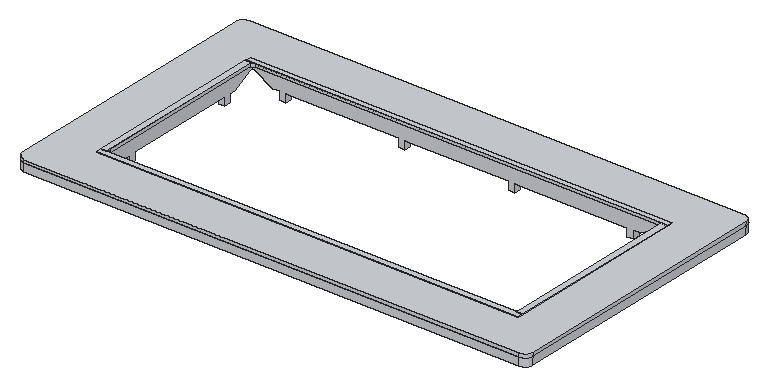
Revit family "Gira_1002335", category Electrical Fixtures, host Face, Revit 2017
Family settings
  Host = Face
  Maintain Annotation Orientation = No
  Round Connector Dimension = Use Diameter
  Part Type = Normal
  Cut with Voids When Loaded = No
  Shared = No
  Room Calculation Point = No
Parameters (values of type "Abdeckrahmen 2f o.M. flach Gira E2 Edelstahl")
  Werkstoffgüte = "edelstahl"
  Werkstoff = "Metall"
  URL = "http://katalog.gira.de/de_DE/datenblatt.html?artikelnr=1002335"
  Transparent = "No"
  Textfeld/Beschriftungsfläche = "No"
  Schutzart (IP) = "IP20"
  Region = "DE"
  Oberfläche = "sonstige"
  Name = "Abdeckrahmen 2f o.M. flach Gira E2 Edelstahl"
  Montagerichtung = "horizontal und vertikal"
  Mit Montagerahmen = "No"
  Mit Klappdeckel = "No"
  Manufacturer URL = "https://www.gira.de/"
  Keynote = "E2flach_Rahmen_2fach o.Mittelsteg"
  HeinzeBIM = "https://bimportal.heinze.de/bim/abdeckrahmen-2f-o-m-flach-gira-e2-edelstahl/34fddcf57fae448f135744b4c733196611932e57"
  Halogenfrei = "No"
  HAN = "1002335"
  Geeignet für Unterputz-Installation = "Yes"
  Geeignet für Unterflurkanaldose = "No"
  Geeignet für Geräteeinbaukanal = "No"
  Geeignet für Einbauinstallation = "No"
  GTIN = "4010337019893"
  Farbe = "edelstahl"
  Default Elevation = 1219.2 mm
  Data sheet (1) = "https://katalog.gira.de/de_DE/download.html?artikelnr=1002335"
  Category = "Abdeckrahmen"
  Befestigungsart = "Klemmbefestigung"
  Available = "Yes"
  Anzahl der Einheiten vertikal = "2 "
  Anzahl der Einheiten horizontal = "2 "
  Anzahl der Einheiten = "2 "
Reference planes
  plane 1 "Center (Front/Back)": y = 0
  plane 2: z = 0
  plane 3 "Center (Left/Right)": x = 0
Forms (mm)
  Extrusion 1, solid, detail levels fine
    sketch origin (0, 0, 0) x (1, 0, 0) y (0, 1, 0)
      loop
        arc (-77, 43.9) -> (-78.768, 43.168) -> (-79.5, 41.4) r 2.5
        line (-79.5, 41.4) -> (-79.5, -41.4)
        arc (-79.5, -41.4) -> (-78.768, -43.168) -> (-77, -43.9) r 2.5
        line (-77, -43.9) -> (77, -43.9)
        arc (77, -43.9) -> (78.768, -43.168) -> (79.5, -41.4) r 2.5
        line (79.5, -41.4) -> (79.5, 41.4)
        arc (79.5, 41.4) -> (78.768, 43.168) -> (77, 43.9) r 2.5
        line (77, 43.9) -> (-77, 43.9)
      loop
        spline (-63.744, -27.245) -> (-63.736, -27.363) -> (-63.713, -27.478) -> (-63.675, -27.589) -> (-63.623, -27.695) -> (-63.558, -27.792) -> (-63.481, -27.881) -> (-63.392, -27.958) -> (-63.295, -28.023) -> (-63.189, -28.075) -> (-63.078, -28.113) -> (-62.963, -28.136) -> (-62.845, -28.144)
        line (-62.845, -28.144) -> (62.845, -28.144)
        spline (62.845, -28.144) -> (62.963, -28.136) -> (63.078, -28.113) -> (63.189, -28.075) -> (63.295, -28.023) -> (63.392, -27.958) -> (63.481, -27.881) -> (63.558, -27.792) -> (63.623, -27.695) -> (63.675, -27.589) -> (63.713, -27.478) -> (63.736, -27.363) -> (63.744, -27.245)
        line (63.744, -27.245) -> (63.744, 27.245)
        spline (63.744, 27.245) -> (63.736, 27.363) -> (63.713, 27.478) -> (63.675, 27.589) -> (63.623, 27.695) -> (63.558, 27.792) -> (63.481, 27.881) -> (63.392, 27.958) -> (63.295, 28.023) -> (63.189, 28.075) -> (63.078, 28.113) -> (62.963, 28.136) -> (62.845, 28.144)
        line (62.845, 28.144) -> (-62.845, 28.144)
        spline (-62.845, 28.144) -> (-62.963, 28.136) -> (-63.078, 28.113) -> (-63.189, 28.075) -> (-63.295, 28.023) -> (-63.392, 27.958) -> (-63.481, 27.881) -> (-63.558, 27.792) -> (-63.623, 27.695) -> (-63.675, 27.589) -> (-63.713, 27.478) -> (-63.736, 27.363) -> (-63.744, 27.245)
        line (-63.744, 27.245) -> (-63.744, -27.245)
    from 2.5 to 3.4
  Extrusion 2, solid, detail levels fine
    sketch origin (0, 0, 0) x (1, 0, 0) y (0, 1, 0)
      loop
        arc (-77, 43.9) -> (-78.768, 43.168) -> (-79.5, 41.4) r 2.5
        line (-79.5, 41.4) -> (-79.5, -41.4)
        arc (-79.5, -41.4) -> (-78.768, -43.168) -> (-77, -43.9) r 2.5
        line (-77, -43.9) -> (77, -43.9)
        arc (77, -43.9) -> (78.768, -43.168) -> (79.5, -41.4) r 2.5
        line (79.5, -41.4) -> (79.5, 41.4)
        arc (79.5, 41.4) -> (78.768, 43.168) -> (77, 43.9) r 2.5
        line (77, 43.9) -> (-77, 43.9)
      loop
        arc (-77, 43.4) -> (-78.414, 42.814) -> (-79, 41.4) r 2
        line (-79, 41.4) -> (-79, -41.4)
        arc (-79, -41.4) -> (-78.414, -42.814) -> (-77, -43.4) r 2
        line (-77, -43.4) -> (77, -43.4)
        arc (77, -43.4) -> (78.414, -42.814) -> (79, -41.4) r 2
        line (79, -41.4) -> (79, 41.4)
        arc (79, 41.4) -> (78.414, 42.814) -> (77, 43.4) r 2
        line (77, 43.4) -> (-77, 43.4)
    from 0 to 2.5
  Extrusion 3, solid, detail levels fine
    sketch origin (35.6, 0, 0) x (0, -1, 0) y (0, 0, -1)
      loop
        line (-17.5, 4.06) -> (-19.5, 4.06) -> (-19.5, 1.56) -> (-21.654, 1.56) -> (-27.214, -1.65) -> (-28.144, -1.65) -> (-28.144, -3.4) -> (28.144, -3.4) -> (28.144, -1.65) -> (27.214, -1.65) -> (21.654, 1.56) -> (19.5, 1.56) -> (19.5, 4.06) -> (17.5, 4.06) -> (17.5, 1.56) -> (-17.5, 1.56) -> (-17.5, 4.06)
    from 28.144 to 30
  Extrusion 4, solid, detail levels fine
    sketch origin (0, 0, 0) x (1, 0, 0) y (0, 0, -1)
      loop
        line (-53.1, 4.06) -> (-55.1, 4.06) -> (-55.1, 1.56) -> (-57.254, 1.56) -> (-62.814, -1.65) -> (-65.6, -1.65) -> (-65.6, -3.4) -> (65.6, -3.4) -> (65.6, -1.65) -> (62.814, -1.65) -> (57.254, 1.56) -> (55.1, 1.56) -> (55.1, 4.06) -> (53.1, 4.06) -> (53.1, 1.56) -> (18.1, 1.56) -> (18.1, 4.042) -> (16.1, 4.042) -> (16.1, 1.542) -> (-16.1, 1.542) -> (-16.1, 4.042) -> (-18.1, 4.042) -> (-18.1, 1.56) -> (-53.1, 1.56) -> (-53.1, 4.06)
    from 28.144 to 30
  Extrusion 5, solid, detail levels coarse
    sketch origin (0, 0, 0) x (1, 0, 0) y (0, 1, 0)
      loop
        line (-79.5, 43.9) -> (-79.5, -43.9) -> (79.5, -43.9) -> (79.5, 43.9) -> (-79.5, 43.9)
    from -4.06 to 3.4
  Extrusion 6, solid, detail levels medium
    sketch origin (0, 0, 0) x (1, 0, 0) y (0, 1, 0)
      loop
        line (-79.5, 43.9) -> (-79.5, -43.9) -> (79.5, -43.9) -> (79.5, 43.9) -> (-79.5, 43.9)
    from 0 to 3.4
  Extrusion 7, solid, detail levels medium
    sketch origin (0, 0, 0) x (1, 0, 0) y (0, 0, -1)
      loop
        line (-53.1, 4.06) -> (-55.1, 4.06) -> (-55.1, 1.56) -> (-65.6, 1.56) -> (-65.6, -3.4) -> (65.6, -3.4) -> (65.6, 1.56) -> (55.1, 1.56) -> (55.1, 4.06) -> (53.1, 4.06) -> (53.1, 1.56) -> (18.1, 1.56) -> (18.1, 4.06) -> (16.1, 4.06) -> (16.1, 1.542) -> (-16.1, 1.542) -> (-16.1, 4.06) -> (-18.1, 4.06) -> (-18.1, 1.56) -> (-53.1, 1.56) -> (-53.1, 4.06)
    from 28.144 to 30
  Extrusion 8, solid, detail levels medium
    sketch origin (35.6, 0, 0) x (0, -1, 0) y (0, 0, -1)
      loop
        line (-17.5, 4.06) -> (-19.5, 4.06) -> (-19.5, 1.56) -> (-28.144, 1.56) -> (-28.144, -3.4) -> (28.144, -3.4) -> (28.144, 1.56) -> (19.5, 1.56) -> (19.5, 4.06) -> (17.5, 4.06) -> (17.5, 1.56) -> (-17.5, 1.56) -> (-17.5, 4.06)
    from 28.144 to 30
  Extrusion 9, solid, detail levels fine
    sketch origin (0, 0, 0) x (1, 0, 0) y (0, 0, 1)
      loop
        line (-53.1, -4.06) -> (-53.1, -1.56) -> (-18.1, -1.56) -> (-18.1, -4.042) -> (-16.1, -4.042) -> (-16.1, -1.542) -> (16.1, -1.542) -> (16.1, -4.042) -> (18.1, -4.042) -> (18.1, -1.56) -> (53.1, -1.56) -> (53.1, -4.06) -> (55.1, -4.06) -> (55.1, -1.56) -> (57.254, -1.56) -> (62.814, 1.65) -> (65.6, 1.65) -> (65.6, 3.4) -> (-65.6, 3.4) -> (-65.6, 1.65) -> (-62.814, 1.65) -> (-57.254, -1.56) -> (-55.1, -1.56) -> (-55.1, -4.06) -> (-53.1, -4.06)
    from 28.144 to 30
  Extrusion 10, solid, detail levels medium
    sketch origin (0, 0, 0) x (1, 0, 0) y (0, 0, 1)
      loop
        line (-53.1, -4.06) -> (-53.1, -1.56) -> (-18.1, -1.56) -> (-18.1, -4.06) -> (-16.1, -4.06) -> (-16.1, -1.542) -> (16.1, -1.542) -> (16.1, -4.06) -> (18.1, -4.06) -> (18.1, -1.56) -> (53.1, -1.56) -> (53.1, -4.06) -> (55.1, -4.06) -> (55.1, -1.56) -> (65.6, -1.56) -> (65.6, 3.4) -> (-65.6, 3.4) -> (-65.6, -1.56) -> (-55.1, -1.56) -> (-55.1, -4.06) -> (-53.1, -4.06)
    from 28.144 to 30
  Extrusion 11, solid, detail levels fine
    sketch origin (-35.6, 0, 0) x (0, -1, 0) y (0, 0, 1)
      loop
        line (-17.5, -4.06) -> (-17.5, -1.56) -> (17.5, -1.56) -> (17.5, -4.06) -> (19.5, -4.06) -> (19.5, -1.56) -> (21.654, -1.56) -> (27.214, 1.65) -> (28.144, 1.65) -> (28.144, 3.4) -> (-28.144, 3.4) -> (-28.144, 1.65) -> (-27.214, 1.65) -> (-21.654, -1.56) -> (-19.5, -1.56) -> (-19.5, -4.06) -> (-17.5, -4.06)
    from 28.144 to 30
  Extrusion 12, solid, detail levels medium
    sketch origin (-35.6, 0, 0) x (0, -1, 0) y (0, 0, 1)
      loop
        line (-17.5, -4.06) -> (-17.5, -1.56) -> (17.5, -1.56) -> (17.5, -4.06) -> (19.5, -4.06) -> (19.5, -1.56) -> (28.144, -1.56) -> (28.144, 3.4) -> (-28.144, 3.4) -> (-28.144, -1.56) -> (-19.5, -1.56) -> (-19.5, -4.06) -> (-17.5, -4.06)
    from 28.144 to 30
Dimensions and locks
  aligned and locked: plane 2 to host face
  aligned and locked: level to host face
